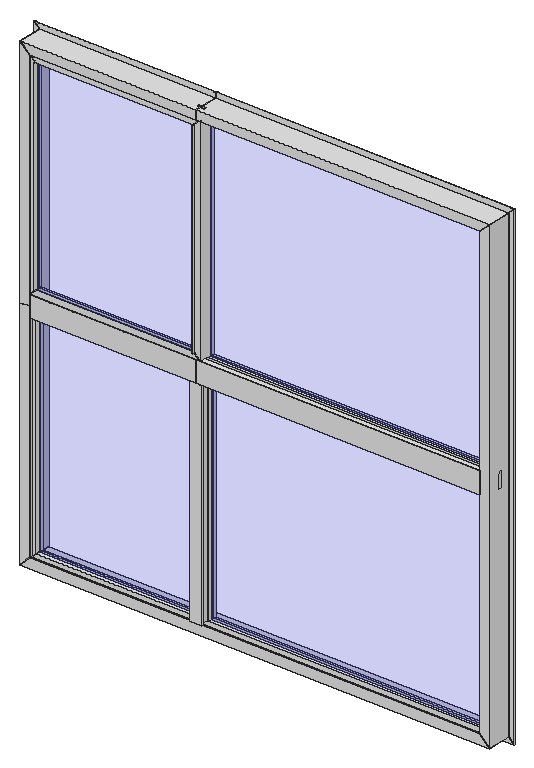
Revit family "531_OXAT_1-DBF_nailfin", category Windows, host Wall, Revit 2019 (continued)
Dimensions and locks (in)
  locked: plane 6 "Head" to cut or joined group of Extrusion 4, Sweep 5, Sweep 12, Extrusion 17, Extrusion 21, Sweep 39, Extrusion 47 at 1.125
  locked: plane 6 "Head" to cut or joined group of Sweep 7, Extrusion 27, Sweep 41, Extrusion 45, Extrusion 49 at 1.125
  locked: Extrusion 54 to plane 30 "Setback" at 4.00777
  locked: Extrusion 53 to plane 30 "Setback" at 4.11518
  locked: Extrusion 54 to plane 30 "Setback" at 7.42659
  locked: Extrusion 53 to plane 30 "Setback" at 10.19654
  locked: curve 31 to curve 32 (angle 45.00°)
  locked: curve 33 to curve 31 (angle 45.00°)
  aligned and locked: plane 9 "Front of wall" to host wall
  aligned and locked: Extrusion 3 sketch curve to plane 18
  aligned and locked: plane 20 to Extrusion 3 sketch curve
  aligned and locked: plane 5 "Sill" to Extrusion 3
  aligned and locked: plane 10 "Hbs" to Extrusion 3
  aligned and locked: Extrusion 2 to plane 10 "Hbs"
  aligned and locked: plane 13 to Extrusion 22 sketch curve
  aligned and locked: Extrusion 22 sketch curve to plane 12
  aligned and locked: plane 13 to Extrusion 23 sketch curve
  aligned and locked: Extrusion 23 sketch curve to plane 12
  aligned and locked: plane 16 to Extrusion 22
  aligned and locked: Extrusion 22 to plane 20
  aligned and locked: plane 18 to Extrusion 23
  aligned and locked: Extrusion 23 to plane 19
  aligned and locked: plane 23 to Extrusion 26 sketch curve
  aligned and locked: Extrusion 26 sketch curve to plane 22
  aligned and locked: plane 22 to Extrusion 28
  aligned and locked: Extrusion 24 sketch curve to plane 13
  aligned and locked: plane 15 to Extrusion 25 sketch curve
  aligned and locked: Extrusion 25 sketch curve to plane 13
  aligned and locked: Extrusion 28 sketch curve to plane 14
  aligned and locked: Extrusion 27 to plane 10 "Hbs"
  aligned and locked: plane 3 "Left" to Extrusion 25
  aligned and locked: Extrusion 26 to plane 10 "Hbs"
  aligned and locked: Extrusion 26 to plane 6 "Head"
  aligned and locked: Extrusion 24 to plane 4 "Right"
  aligned and locked: Extrusion 28 to plane 19
  aligned and locked: cut or joined group of Sweep 20, Extrusion 25, Sweep 33, Sweep 35, Sweep 43, Extrusion 50, Extrusion 52 to plane 25
  aligned and locked: plane 25 to Extrusion 30
  aligned and locked: Extrusion 51 sketch curve to plane 15
  aligned and locked: plane 21 to Extrusion 51
  aligned and locked: Extrusion 51 to plane 23
  aligned and locked: cut or joined group of Extrusion 24, Sweep 33, Sweep 35, Sweep 40, Extrusion 48 to plane 11 "Vbs"
  aligned and locked: plane 11 "Vbs" to Extrusion 53 sketch curve
  aligned and locked: curve 34 to curve 37
  aligned and locked: curve 37 to curve 37
  aligned and locked: curve 35 to curve 35
  aligned and locked: curve 37 to curve 38
  aligned and locked: curve 38 to curve 34
  aligned and locked: curve 34 to curve 39
  aligned and locked: curve 37 to curve 39
  aligned and locked: curve 36 to curve 40
  aligned and locked: curve 35 to curve 40
  aligned and locked: curve 43 to curve 46
  aligned and locked: curve 46 to curve 46
  aligned and locked: curve 44 to curve 44
  aligned and locked: curve 46 to curve 47
  aligned and locked: curve 47 to curve 43
  aligned and locked: curve 43 to curve 48
  aligned and locked: curve 46 to curve 48
  aligned and locked: curve 45 to curve 49
  aligned and locked: curve 44 to curve 49
  aligned and locked: curve 52 to curve 55
  aligned and locked: curve 55 to curve 55
  aligned and locked: curve 53 to curve 53
  aligned and locked: curve 55 to curve 56
  aligned and locked: curve 56 to curve 52
  aligned and locked: curve 52 to curve 57
  aligned and locked: curve 55 to curve 57
  aligned and locked: curve 54 to curve 58
  aligned and locked: curve 53 to curve 58
  aligned and locked: curve 61 to curve 31
  aligned and locked: curve 63 to curve 33
  aligned and locked: curve 64 to curve 67
  aligned and locked: curve 67 to curve 67
  aligned and locked: curve 65 to curve 65
  aligned and locked: curve 67 to curve 71
  aligned and locked: curve 66 to curve 70
  aligned and locked: curve 65 to curve 70
  aligned and locked: curve 64 to curve 71
  aligned and locked: curve 65 to curve 72
  aligned and locked: curve 72 to curve 66
  aligned and locked: curve 73 to curve 76
  aligned and locked: curve 76 to curve 76
  aligned and locked: curve 74 to curve 74
  aligned and locked: curve 76 to curve 80
  aligned and locked: curve 75 to curve 79
  aligned and locked: curve 74 to curve 79
  aligned and locked: curve 73 to curve 80
  aligned and locked: curve 74 to curve 81
  aligned and locked: curve 81 to curve 75
  aligned and locked: curve 82 to curve 85
  aligned and locked: curve 85 to curve 85
  aligned and locked: curve 83 to curve 83
  aligned and locked: curve 85 to curve 89
  aligned and locked: curve 84 to curve 88
  aligned and locked: curve 83 to curve 88
  aligned and locked: curve 82 to curve 89
  aligned and locked: curve 83 to curve 90
  aligned and locked: curve 90 to curve 84
  aligned and locked: plane 28 to Extrusion 24 sketch curve  (x2)
  aligned and locked: Extrusion 24 sketch curve to plane 27  (x2)
  aligned and locked: plane 29 to cut or joined group of Extrusion 28, Extrusion 32, Extrusion 53, Extrusion 54
  aligned and locked: plane 29 to Extrusion 24 sketch curve
  aligned and locked: plane 28 to Extrusion 25 sketch curve  (x2)
  aligned and locked: Extrusion 25 sketch curve to plane 27  (x2)
  aligned and locked: plane 11 "Vbs" to Sweep 6 sketch curve
  aligned and locked: plane 11 "Vbs" to Sweep 20 sketch curve
  aligned and locked: Extrusion 31 sketch curve to plane 28
  aligned and locked: Extrusion 31 sketch curve to plane 27
  aligned and locked: plane 28 to Extrusion 52 sketch curve
  aligned and locked: plane 27 to Extrusion 19 sketch curve
  aligned and locked: Extrusion 52 sketch curve to plane 11 "Vbs"
  aligned and locked: plane 27 to Extrusion 52 sketch curve
  aligned and locked: Extrusion 49 sketch curve to plane 27
  aligned and locked: Sweep 20 sketch curve to plane 28
  aligned and locked: plane 25 to Sweep 20 sketch curve
  aligned and locked: Sweep 36 sketch curve to plane 11 "Vbs"
  aligned and locked: plane 11 "Vbs" to Sweep 37 sketch curve
  aligned and locked: plane 11 "Vbs" to Sweep 35 sketch curve
  aligned and locked: Sweep 40 sketch curve to plane 27
  aligned and locked: Sweep 40 sketch curve to plane 28
  aligned and locked: plane 11 "Vbs" to Extrusion 56 sketch curve
  aligned and locked: plane 4 "Right" to Extrusion 4 sketch curve  (x2)
  aligned and locked: Extrusion 4 sketch curve to plane 30 "Setback"
  aligned and locked: plane 30 "Setback" to Extrusion 27 sketch curve
  aligned and locked: plane 30 "Setback" to Extrusion 2 sketch curve
  aligned and locked: plane 3 "Left" to Extrusion 2 sketch curve  (x2)
  aligned and locked: Extrusion 30 sketch curve to plane 30 "Setback"
  aligned and locked: plane 6 "Head" to Extrusion 30 sketch curve  (x2)
  aligned and locked: plane 30 "Setback" to Extrusion 1 sketch curve
  aligned and locked: plane 5 "Sill" to Extrusion 1 sketch curve  (x2)
  aligned and locked: plane 6 "Head" to Extrusion 29 sketch curve  (x2)
  aligned and locked: Extrusion 29 sketch curve to plane 30 "Setback"
  aligned and locked: cut or joined group of Extrusion 29, Sweep 38, Extrusion 46 to plane 11 "Vbs"
Automatic sketch dimensions
  profile plane to Sweep 10 sketch curve = 1.27744"
  Sweep 10 sketch curve to Sweep 10 sketch curve = 0.76185"
  Sweep 37 sketch curve to profile plane = 1.275"
  Sweep 37 sketch curve to Sweep 37 sketch curve = 0.92471"
  Sweep 41 sketch curve to profile plane = 1.66328"
  Sweep 41 sketch curve to profile plane = 3.87652"
  profile plane to Sweep 41 sketch curve = 3.83672"
  profile plane to Sweep 41 sketch curve = 1.62348"
  Sweep 42 sketch curve to profile plane = 1.5753"
  Sweep 42 sketch curve to profile plane = 3.78854"
  profile plane to Sweep 42 sketch curve = 1.71146"
  profile plane to Sweep 42 sketch curve = 3.9247"
  curve 34 to curve 41 = 1 1/2"
  curve 34 to curve 42 = 2 1/2"
  curve 43 to curve 50 = 1 1/2"
  curve 46 to curve 51 = 2 1/2"
  curve 52 to curve 59 = 1 1/2"
  curve 52 to curve 60 = 2 1/2"
  curve 64 to curve 68 = 2 1/2"
  curve 69 to curve 66 = 2"
  curve 72 to curve 71 = 0"
  curve 73 to curve 77 = 2 1/2"
  curve 78 to curve 76 = 2"
  curve 81 to curve 80 = 0"
  curve 85 to curve 86 = 2 1/2"
  curve 87 to curve 82 = 2"
  curve 90 to curve 89 = 0"
  Sweep 39 sketch curve to profile plane = 0.73402"
  profile plane to Sweep 39 sketch curve = 1.61091"
  Sweep 39 sketch curve to profile plane = 3.62248"
  Sweep 39 sketch curve to profile plane = 1.27754"
  Sweep 39 sketch curve to Sweep 39 sketch curve = 0.56021"
  profile plane to Sweep 39 sketch curve = 0.08229"
  Sweep 38 sketch curve to profile plane = 0.73402"
  profile plane to Sweep 38 sketch curve = 1.72575"
  Sweep 38 sketch curve to profile plane = 3.73731"
  Sweep 38 sketch curve to profile plane = 1.27754"
  Sweep 38 sketch curve to Sweep 38 sketch curve = 0.93166"
  Sweep 11 sketch curve to profile plane = 0.51924"
  profile plane to Sweep 11 sketch curve = 1.27744"
  Sweep 11 sketch curve to Sweep 11 sketch curve = 0.56031"  (x2)
  Sweep 9 sketch curve to profile plane = 1.78769"
  profile plane to Sweep 9 sketch curve = 1.84003"
  profile plane to Sweep 9 sketch curve = 1.27744"
  Sweep 9 sketch curve to Sweep 9 sketch curve = 3.06513"
  Sweep 9 sketch curve to Sweep 9 sketch curve = 1.49756"
  profile plane to Sweep 8 sketch curve = 4.91208"
  profile plane to Sweep 8 sketch curve = 1.84003"
  profile plane to Sweep 8 sketch curve = 1.27744"
  Sweep 8 sketch curve to Sweep 8 sketch curve = 0.56031"
  profile plane to Sweep 8 sketch curve = 0.83622"
  Sweep 8 sketch curve to profile plane = 1.7946"
  profile plane to Sweep 13 sketch curve = 0.17021"
  Sweep 13 sketch curve to profile plane = 2.75588"
  Sweep 13 sketch curve to profile plane = 1.64865"
  profile plane to Sweep 13 sketch curve = 1.27744"
  Sweep 13 sketch curve to Sweep 13 sketch curve = 0.93193"
  profile plane to Sweep 12 sketch curve = 0.17021"
  Sweep 12 sketch curve to profile plane = 3.12078"
  Sweep 12 sketch curve to profile plane = 2.01356"
  profile plane to Sweep 12 sketch curve = 1.27744"
  Sweep 12 sketch curve to Sweep 12 sketch curve = 0.56031"
  Sweep 12 sketch curve to Sweep 12 sketch curve = 0.84313"
  profile plane to Sweep 55 sketch curve = 1.81755"
  plane 3 "Left" to Opening 1 sketch curve = 0"
  plane 4 "Right" to Opening 1 sketch curve = 0"
  Opening 1 sketch curve to plane 5 "Sill" = 0"
  Opening 1 sketch curve to plane 6 "Head" = 0"
  plane 3 "Left" to Extrusion 2 sketch curve = 1 1/8"
  plane 16 to Extrusion 2 sketch curve = 0.3891"
  plane 16 to Extrusion 2 sketch curve = 0.12213"
  Extrusion 2 sketch curve to plane 16 = 0.00018"
  Extrusion 4 sketch curve to plane 19 = 0.12246"
  Extrusion 4 sketch curve to plane 19 = 0.38943"
  Extrusion 4 sketch curve to plane 4 "Right" = 1 1/8"
  plane 3 "Left" to Extrusion 14 sketch curve = 1.78769"
  Extrusion 14 sketch curve to plane 21 = 0.13025"
  plane 5 "Sill" to Extrusion 14 sketch curve = 1.78769"
  Extrusion 14 sketch curve to plane 12 = 1.25265"
  plane 3 "Left" to Extrusion 15 sketch curve = 3 1/4"
  Extrusion 15 sketch curve to plane 21 = 0.59608"
  plane 5 "Sill" to Extrusion 15 sketch curve = 3 1/4"
  Extrusion 15 sketch curve to plane 12 = 1.71847"
  plane 20 to Extrusion 16 sketch curve = 1.8138"
  Extrusion 16 sketch curve to plane 25 = 1.90979"
  plane 5 "Sill" to Extrusion 16 sketch curve = 1.1"
  Extrusion 16 sketch curve to plane 12 = 0.501"
  plane 17 to Extrusion 17 sketch curve = 0.66629"
  Extrusion 17 sketch curve to plane 4 "Right" = 1.81231"
  plane 5 "Sill" to Extrusion 17 sketch curve = 1.81231"
  Extrusion 17 sketch curve to plane 12 = 1.78869"
  plane 17 to Extrusion 18 sketch curve = 0.26985"
  Extrusion 18 sketch curve to plane 4 "Right" = 1.45876"
  plane 5 "Sill" to Extrusion 18 sketch curve = 1.45876"
  Extrusion 18 sketch curve to plane 12 = 1.39224"
  plane 29 to Extrusion 19 sketch curve = 0.24262"
  plane 20 to Extrusion 19 sketch curve = 0.87504"
  plane 18 to Extrusion 19 sketch curve = 0.09358"
  Extrusion 19 sketch curve to plane 15 = 1/2"
  Extrusion 19 sketch curve to plane 25 = 2.08846"
  plane 17 to Extrusion 21 sketch curve = 0.89381"
  Extrusion 21 sketch curve to plane 27 = 0.015"
  plane 19 to Extrusion 21 sketch curve = 0.5001"
  Extrusion 21 sketch curve to plane 28 = 0.015"
  Extrusion 21 sketch curve to Extrusion 21 sketch curve = 0.0406"
  Extrusion 21 sketch curve to plane 15 = 0.89281"
  Extrusion 26 sketch curve to plane 20 = 0.195"
  Extrusion 26 sketch curve to plane 20 = 3/16"
  Extrusion 26 sketch curve to plane 20 = 1/8"
  plane 20 to Extrusion 26 sketch curve = 0.00578"
  plane 20 to Extrusion 26 sketch curve = 0.00582"
  plane 20 to Extrusion 26 sketch curve = 0.00586"
  Extrusion 26 sketch curve to Extrusion 26 sketch curve = 0.40047"
  Extrusion 26 sketch curve to Extrusion 26 sketch curve = 0.40039"
  Extrusion 26 sketch curve to Extrusion 26 sketch curve = 0.1"
  Extrusion 27 sketch curve to plane 3 "Left" = 0"  (x2)
  Extrusion 27 sketch curve to plane 16 = 0.50043"
  plane 16 to Extrusion 27 sketch curve = 0.12457"
  Extrusion 27 sketch curve to Extrusion 27 sketch curve = 0.12328"
  plane 16 to Extrusion 27 sketch curve = 0.3891"
  plane 3 "Left" to Extrusion 27 sketch curve = 1 1/8"
  plane 29 to Extrusion 28 sketch curve = 0"
  plane 14 to Extrusion 30 sketch curve = 1/2"
  Extrusion 30 sketch curve to plane 14 = 1/8"
  Extrusion 30 sketch curve to Extrusion 30 sketch curve = 0.12328"
  Extrusion 30 sketch curve to plane 14 = 0.38953"
  Extrusion 30 sketch curve to plane 6 "Head" = 1 1/8"
  Sweep 36 sketch curve to Sweep 36 sketch curve = 0.2499"
  Sweep 36 sketch curve to profile plane = 1.838"
  Sweep 36 sketch curve to Sweep 36 sketch curve = 0.563"
  profile plane to Sweep 36 sketch curve = 1.475"
  plane 3 "Left" to Extrusion 44 sketch curve = 2.49016"
  Extrusion 44 sketch curve to plane 21 = 2.25157"
  plane 24 to Extrusion 44 sketch curve = 2.24797"
  Extrusion 44 sketch curve to plane 6 "Head" = 2.49016"
  plane 3 "Left" to Extrusion 45 sketch curve = 1.30025"
  Extrusion 45 sketch curve to plane 21 = 2.42835"
  plane 24 to Extrusion 45 sketch curve = 2.42475"
  Extrusion 45 sketch curve to plane 6 "Head" = 1.30025"
  plane 17 to Extrusion 46 sketch curve = 0.83736"
  plane 24 to Extrusion 46 sketch curve = 0.83376"
  Extrusion 46 sketch curve to plane 4 "Right" = 1.96447"
  Extrusion 46 sketch curve to plane 6 "Head" = 1.96447"
  plane 17 to Extrusion 47 sketch curve = 1.01414"
  Extrusion 47 sketch curve to plane 4 "Right" = 1.89135"
  plane 24 to Extrusion 47 sketch curve = 1.01064"
  Extrusion 47 sketch curve to plane 6 "Head" = 1.89124"
  plane 28 to Extrusion 49 sketch curve = 0.0005"
  Extrusion 49 sketch curve to plane 16 = 0.50043"
  Extrusion 49 sketch curve to plane 21 = 0.79282"
  Extrusion 49 sketch curve to plane 15 = 0.76671"
  plane 28 to Extrusion 50 sketch curve = 0.0005"
  Extrusion 53 sketch curve to plane 25 = 0"
  Extrusion 53 sketch curve to plane 6 "Head" = 0"
  Extrusion 53 sketch curve to plane 20 = 0.11914"
  plane 22 to Extrusion 53 sketch curve = 0.12597"
  plane 14 to Extrusion 53 sketch curve = 1/2"
  plane 24 to Extrusion 53 sketch curve = 1/2"
  plane 5 "Sill" to Extrusion 1 sketch curve = 1 1/8"
  Extrusion 1 sketch curve to plane 5 "Sill" = 1.27744"
  Extrusion 29 sketch curve to Extrusion 29 sketch curve = 0.12231"
  Extrusion 29 sketch curve to Extrusion 29 sketch curve = 0.37475"
  Extrusion 29 sketch curve to plane 24 = 1.51453"
  Extrusion 29 sketch curve to plane 14 = 2.525"
  Extrusion 26 sketch curve to plane 25 = 0.03076"
  curve 6 to plane 25 = 0.41179"
  curve 9 to plane 19 = 0.29267"
  plane 19 to curve 8 = 0.31535"
  plane 20 to curve 5 = 0.69411"
  curve 2 to plane 21 = 0.19184"
  plane 21 to curve 1 = 0.30816"
  plane 20 to curve 4 = 0.97474"
  curve 7 to plane 17 = 0.50994"
  Extrusion 32 sketch curve to plane 25 = 0.36842"
  plane 24 to Extrusion 32 sketch curve = 1.07314"
  plane 14 to Extrusion 32 sketch curve = 1/2"
  Extrusion 32 sketch curve to plane 6 "Head" = 0.35"
  curve 61 to plane 21 = 0.68529"
  curve 48 to curve 49 = 2 1/2"
  curve 47 to curve 49 = 2 1/2"
  curve 48 to curve 47 = 2 1/2"
  curve 57 to curve 58 = 2 1/2"
  curve 39 to curve 40 = 2 1/2"
  curve 38 to curve 40 = 2 1/2"
  curve 56 to curve 58 = 2 1/2"
  curve 57 to curve 56 = 2 1/2"
  curve 39 to curve 38 = 2 1/2"
  curve 58 to curve 56 = 2 1/2"
  curve 49 to curve 47 = 2 1/2"
  curve 40 to curve 38 = 2 1/2"
  curve 92 to curve 92 = 2.515"
  curve 92 to curve 92 = 0.26453"
  curve 93 to curve 93 = 1.01047"
  curve 94 to curve 94 = 1"
  curve 95 to curve 95 = 1 1/8"
  curve 96 to curve 96 = 0.08"
  curve 97 to curve 97 = 1 1/8"
  curve 98 to curve 98 = 4.92"
  curve 99 to curve 99 = 1.9"
  curve 100 to curve 100 = 0.2"
  curve 101 to curve 101 = 1.0545"
  curve 102 to curve 102 = 0.37545"
  curve 103 to curve 103 = 0.06205"
  curve 103 to curve 103 = 0.0075"
  curve 104 to curve 104 = 0.68"
  curve 105 to curve 105 = 0.46275"
  curve 106 to curve 106 = 0.744"
  curve 107 to curve 107 = 0.438"
  curve 108 to curve 108 = 0.40341"
  curve 109 to curve 109 = 1.09975"
  curve 110 to curve 110 = 0.70009"
  curve 111 to curve 111 = 0.74828"
  curve 112 to curve 112 = 0.46"
  curve 113 to curve 113 = 0.12328"
  curve 114 to curve 114 = 0.735"
Types (113): name | Vbs | MLW2 | MLW1 | Height | HWB | HBWidth | HBS | Width
  (no name) | 36" | 6" | 4 1/2" | 96" | yes | 4 1/4" | 48" | 96"
  48x36 | 24" | 2 1/4" | 3" | 36" | no | 2 1/2" | 18" | 48"
  72x60 | 36" | 3 3/4" | 4 1/2" | 60" | yes | 4 1/4" | 30" | 72"
  24x24Min | 12" | 1 1/2" | 1 1/2" | 24" | no | 2 1/2" | 12" | 24"
  96x96Max | 36" | 6" | 4 1/2" | 96" | yes | 4 1/4" | 48" | 96"
  36x36 | 18" | 2 1/4" | 2 1/4" | 36" | no | 2 1/2" | 18" | 36"
  60x60 | 30" | 3 3/4" | 3 3/4" | 60" | yes | 4 1/4" | 30" | 60"
  84x84 | 36" | 5 1/4" | 4 1/2" | 84" | yes | 4 1/4" | 42" | 84"
  24x30 | 12" | 1 7/8" | 1 1/2" | 30" | no | 2 1/2" | 15" | 24"
  24x36 | 12" | 2 1/4" | 1 1/2" | 36" | no | 2 1/2" | 18" | 24"
  24x42 | 12" | 2 5/8" | 1 1/2" | 42" | no | 2 1/2" | 21" | 24"
  24x48 | 12" | 3" | 1 1/2" | 48" | no | 2 1/2" | 24" | 24"
  24x54 | 12" | 3 3/4" | 1 1/2" | 54" | no | 2 1/2" | 24" | 24"
  30x24 | 15" | 1 1/2" | 1 7/8" | 24" | no | 2 1/2" | 12" | 30"
  30x30 | 15" | 2 1/4" | 1 7/8" | 30" | no | 2 1/2" | 12" | 30"
  30x36 | 15" | 2 1/4" | 1 7/8" | 36" | no | 2 1/2" | 18" | 30"
  30x42 | 15" | 3" | 1 7/8" | 42" | no | 2 1/2" | 18" | 30"
  30x48 | 15" | 3" | 1 7/8" | 48" | no | 2 1/2" | 24" | 30"
  30x60 | 15" | 3 3/4" | 1 7/8" | 60" | yes | 4 1/4" | 30" | 30"
  30x54 | 15" | 3 3/4" | 1 7/8" | 54" | no | 2 1/2" | 24" | 30"
  36x24 | 18" | 1 1/2" | 2 1/4" | 24" | no | 2 1/2" | 12" | 36"
  36x30 | 18" | 2 1/4" | 2 1/4" | 30" | no | 2 1/2" | 12" | 36"
  36x42 | 18" | 3" | 2 1/4" | 42" | no | 2 1/2" | 18" | 36"
  36x48 | 18" | 3" | 2 1/4" | 48" | no | 2 1/2" | 24" | 36"
  36x54 | 18" | 3 3/4" | 2 1/4" | 54" | no | 2 1/2" | 24" | 36"
  36x60 | 18" | 3 3/4" | 2 1/4" | 60" | yes | 4 1/4" | 30" | 36"
  36x66 | 18" | 4 1/2" | 2 1/4" | 66" | yes | 4 1/4" | 30" | 36"
  36x72 | 18" | 4 1/2" | 2 1/4" | 72" | yes | 4 1/4" | 36" | 36"
  42x30 | 21" | 1 7/8" | 2 5/8" | 30" | no | 2 1/2" | 15" | 42"
  42x36 | 21" | 2 1/4" | 2 5/8" | 36" | no | 2 1/2" | 18" | 42"
  42x42 | 21" | 3" | 2 5/8" | 42" | no | 2 1/2" | 18" | 42"
  42x48 | 21" | 3" | 2 5/8" | 48" | no | 2 1/2" | 24" | 42"
  42x54 | 21" | 3 3/4" | 2 5/8" | 54" | no | 2 1/2" | 24" | 42"
  42x60 | 21" | 3 3/4" | 2 5/8" | 60" | yes | 4 1/4" | 30" | 42"
  42x66 | 21" | 4 1/2" | 2 5/8" | 66" | yes | 4 1/4" | 30" | 42"
  42x72 | 21" | 4 1/2" | 2 5/8" | 72" | yes | 4 1/4" | 36" | 42"
  48x42 | 24" | 3" | 3" | 42" | no | 2 1/2" | 18" | 48"
  48x48 | 24" | 3" | 3" | 48" | no | 2 1/2" | 24" | 48"
  48x54 | 24" | 3 3/4" | 3" | 54" | no | 2 1/2" | 24" | 48"
  48x60 | 24" | 3 3/4" | 3" | 60" | yes | 4 1/4" | 30" | 48"
  48x66 | 24" | 4 1/2" | 3" | 66" | yes | 4 1/4" | 30" | 48"
  48x72 | 24" | 4 1/2" | 3" | 72" | yes | 4 1/4" | 36" | 48"
  48x78 | 24" | 5 1/4" | 3" | 78" | yes | 4 1/4" | 36" | 48"
  54x36 | 27" | 2 1/4" | 3 3/8" | 36" | no | 2 1/2" | 18" | 54"
  54x42 | 27" | 3" | 3 3/8" | 42" | no | 2 1/2" | 18" | 54"
  54x48 | 27" | 3" | 3 3/8" | 48" | no | 2 1/2" | 24" | 54"
  54x54 | 27" | 3 3/4" | 3 3/8" | 54" | no | 2 1/2" | 24" | 54"
  54x60 | 27" | 3 3/4" | 3 3/8" | 60" | yes | 4 1/4" | 30" | 54"
  54x66 | 27" | 4 1/2" | 3 3/8" | 66" | yes | 4 1/4" | 30" | 54"
  54x72 | 27" | 4 1/2" | 3 3/8" | 72" | yes | 4 1/4" | 36" | 54"
  54x78 | 27" | 5 1/4" | 3 3/8" | 78" | yes | 4 1/4" | 36" | 54"
  54x84 | 27" | 5 1/4" | 3 3/8" | 84" | yes | 4 1/4" | 42" | 54"
  60x42 | 30" | 3" | 3 3/4" | 42" | yes | 4 1/4" | 18" | 60"
  60x48 | 30" | 3" | 3 3/4" | 48" | yes | 4 1/4" | 24" | 60"
  60x54 | 30" | 3 3/4" | 3 3/4" | 54" | yes | 4 1/4" | 24" | 60"
  60x66 | 30" | 4 1/2" | 3 3/4" | 66" | yes | 4 1/4" | 30" | 60"
  60x72 | 30" | 4 1/2" | 3 3/4" | 72" | yes | 4 1/4" | 36" | 60"
  60x78 | 30" | 5 1/4" | 3 3/4" | 78" | yes | 4 1/4" | 36" | 60"
  60x84 | 30" | 5 1/4" | 3 3/4" | 84" | yes | 4 1/4" | 42" | 60"
  60x90 | 30" | 6" | 3 3/4" | 90" | yes | 4 1/4" | 42" | 60"
  66x42 | 33" | 3" | 4 1/8" | 42" | yes | 4 1/4" | 18" | 66"
  66x48 | 33" | 3" | 4 1/8" | 48" | yes | 4 1/4" | 24" | 66"
  66x54 | 33" | 3 3/4" | 4 1/8" | 54" | yes | 4 1/4" | 24" | 66"
  66x60 | 33" | 3 3/4" | 4 1/8" | 60" | yes | 4 1/4" | 30" | 66"
  66x66 | 33" | 4 1/2" | 4 1/8" | 66" | yes | 4 1/4" | 30" | 66"
  66x72 | 33" | 4 1/2" | 4 1/8" | 72" | yes | 4 1/4" | 36" | 66"
  66x78 | 33" | 5 1/4" | 4 1/8" | 78" | yes | 4 1/4" | 36" | 66"
  66x84 | 33" | 5 1/4" | 4 1/8" | 84" | yes | 4 1/4" | 42" | 66"
  66x90 | 33" | 6" | 4 1/8" | 90" | yes | 4 1/4" | 42" | 66"
  66x96 | 33" | 6" | 4 1/8" | 96" | yes | 4 1/4" | 48" | 66"
  72x48 | 36" | 3" | 4 1/2" | 48" | yes | 4 1/4" | 24" | 72"
  72x54 | 36" | 3 3/4" | 4 1/2" | 54" | yes | 4 1/4" | 24" | 72"
  72x66 | 36" | 4 1/2" | 4 1/2" | 66" | yes | 4 1/4" | 30" | 72"
  72x72 | 36" | 4 1/2" | 4 1/2" | 72" | yes | 4 1/4" | 36" | 72"
  72x78 | 36" | 5 1/4" | 4 1/2" | 78" | yes | 4 1/4" | 36" | 72"
  72x84 | 36" | 5 1/4" | 4 1/2" | 84" | yes | 4 1/4" | 42" | 72"
  72x90 | 36" | 6" | 4 1/2" | 90" | yes | 4 1/4" | 42" | 72"
  72x96 | 36" | 6" | 4 1/2" | 96" | yes | 4 1/4" | 48" | 72"
  78x48 | 36" | 3" | 4 1/2" | 48" | yes | 4 1/4" | 24" | 78"
  78x54 | 36" | 3 3/4" | 4 1/2" | 54" | yes | 4 1/4" | 24" | 78"
  78x60 | 36" | 3 3/4" | 4 1/2" | 60" | yes | 4 1/4" | 30" | 78"
  78x66 | 36" | 4 1/2" | 4 1/2" | 66" | yes | 4 1/4" | 30" | 78"
  78x72 | 36" | 4 1/2" | 4 1/2" | 72" | yes | 4 1/4" | 36" | 78"
  78x78 | 36" | 5 1/4" | 4 1/2" | 78" | yes | 4 1/4" | 36" | 78"
  78x84 | 36" | 5 1/4" | 4 1/2" | 84" | yes | 4 1/4" | 42" | 78"
  78x90 | 36" | 6" | 4 1/2" | 90" | yes | 4 1/4" | 42" | 78"
  78x96 | 36" | 6" | 4 1/2" | 96" | yes | 4 1/4" | 48" | 78"
  84x42 | 36" | 3" | 4 1/2" | 42" | yes | 4 1/4" | 18" | 84"
  84x48 | 36" | 3" | 4 1/2" | 48" | yes | 4 1/4" | 24" | 84"
  84x54 | 36" | 3 3/4" | 4 1/2" | 54" | yes | 4 1/4" | 24" | 84"
  84x60 | 36" | 3 3/4" | 4 1/2" | 60" | yes | 4 1/4" | 30" | 84"
  84x66 | 36" | 4 1/2" | 4 1/2" | 66" | yes | 4 1/4" | 30" | 84"
  84x72 | 36" | 4 1/2" | 4 1/2" | 72" | yes | 4 1/4" | 36" | 84"
  84x78 | 36" | 5 1/4" | 4 1/2" | 78" | yes | 4 1/4" | 36" | 84"
  84x90 | 36" | 6" | 4 1/2" | 90" | yes | 4 1/4" | 42" | 84"
  84x96 | 36" | 6" | 4 1/2" | 96" | yes | 4 1/4" | 48" | 84"
  90x48 | 36" | 3" | 4 1/2" | 48" | yes | 4 1/4" | 24" | 90"
  90x54 | 36" | 3 3/4" | 4 1/2" | 54" | yes | 4 1/4" | 24" | 90"
  90x60 | 36" | 3 3/4" | 4 1/2" | 60" | yes | 4 1/4" | 30" | 90"
  90x66 | 36" | 4 1/2" | 4 1/2" | 66" | yes | 4 1/4" | 30" | 90"
  90x72 | 36" | 4 1/2" | 4 1/2" | 72" | yes | 4 1/4" | 36" | 90"
  90x78 | 36" | 5 1/4" | 4 1/2" | 78" | yes | 4 1/4" | 36" | 90"
  90x84 | 36" | 4 1/2" | 4 1/2" | 78" | yes | 4 1/4" | 42" | 90"
  90x90 | 36" | 6" | 4 1/2" | 90" | yes | 4 1/4" | 42" | 90"
  90x96 | 36" | 6" | 4 1/2" | 96" | yes | 4 1/4" | 48" | 90"
  96x48 | 36" | 3" | 4 1/2" | 48" | yes | 4 1/4" | 24" | 96"
  96x54 | 36" | 3 3/4" | 4 1/2" | 54" | yes | 4 1/4" | 24" | 96"
  96x60 | 36" | 3 3/4" | 4 1/2" | 60" | yes | 4 1/4" | 30" | 96"
  96x66 | 36" | 4 1/2" | 4 1/2" | 66" | yes | 4 1/4" | 30" | 96"
  96x72 | 36" | 4 1/2" | 4 1/2" | 72" | yes | 4 1/4" | 36" | 96"
  96x78 | 36" | 5 1/4" | 4 1/2" | 78" | yes | 4 1/4" | 36" | 96"
  96x84 | 36" | 5 1/4" | 4 1/2" | 84" | yes | 4 1/4" | 42" | 96"
  96x90 | 36" | 6" | 4 1/2" | 90" | yes | 4 1/4" | 42" | 96"
